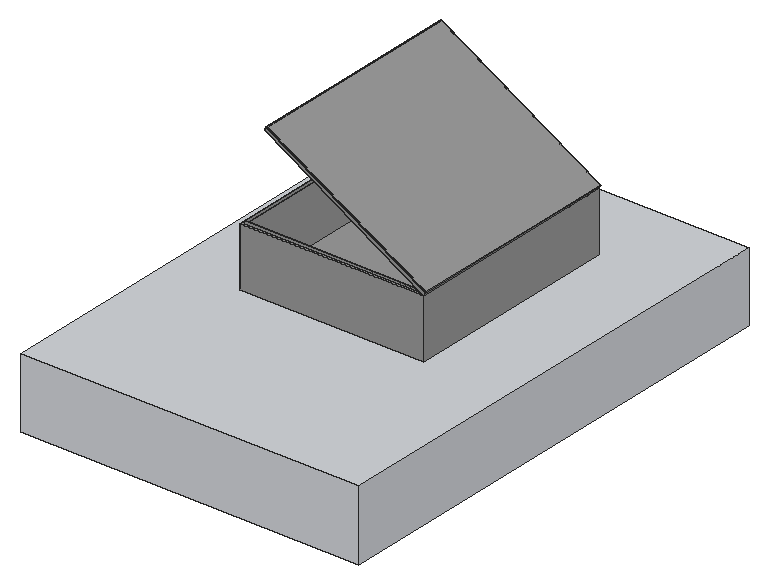
Revit family "Hager-Univers-IP55-D275-H950-Cl.II-Steel_encl-PL-en", category Equipement électrique, Revit 2020
Family settings
  Hôte = Face
  Configuration du panneau = Deux colonnes, circuits au sein
  Cote de connecteur circulaire = Utiliser le diamètre
  Type d'élément = Tableau de raccordement
  Couper avec des vides une fois chargée = Non
  Partagée = Non
  Point de calcul de pièce = Non
Parameters (values of type "Surface mounted (plaster) IP55 W800 H950 D275  - FR63S")
  Width Control [instance] = if([EF000008 - Width] > Min Width, [EF000008 - Width], Min Width)  # 800 mm
  Commentaires du type = [HG000003 - Range]  # "Univers"
  Thickness Door [instance] = if([EF009171 - Material plate thickness door/cover] > 3 mm, 3 mm, [EF009171 - Material plate thickness door/cover])  # 1.5 mm
  Seal Frame Offset [instance] = 17 mm  # constant formula
  Plinth Visibility [instance] = [HG000027 - Plinth height] > 0 mm  # no
  Model = ""
  Min Width [instance] = 100 mm  # constant formula
  Min Height [instance] = 100 mm  # constant formula
  Min Depth [instance] = (2 * [EF009170 - Material plate thickness cabinet]) + 1 mm  # 4 mm
  Internal Frame Depth [instance] = (Door System Depth * 0.5)  # 9 mm
  Height Control [instance] = if([EF000040 - Height] > Min Height, [EF000040 - Height], Min Height)  # 950 mm
  HG000027 - Plinth height = 0 mm
  HG000026 - Floor standing = no
  HG000024 - Bottom section height = 800 mm
  HG000023 - Double section enclosure = no
  HG000016 - Door 3d visibility [instance] = yes
  HG000015 - Clearance visibility [instance] = no
  HG000014 - Door on the right [instance] = yes
  HG000013 - Door on the left [instance] = not([HG000014 - Door on the right])  # no
  HG000012 - Door swing angle [instance] = 30.00°
  HG000010 - Asymmetric doors = no
  HG000009 - Double swing door = no
  HG000006 - Flush mounted = no
  HG000004 - Manufacturer reference = "FR63S"
  HG000003 - Range = "Univers"
  HG000002 - With door or cover = yes
  Frame Offset Bottom [instance] = 10 mm  # constant formula
  Frame Offset [instance] = 15 mm  # constant formula
  EF015940 - Cover with overpressure release = no
  EF011959 - Degree of protection (NEMA) = ""
  EF009554 - Number of openings for flange plates = 6
  EF009212 - Cover model = "EV000116 - Closed"
  EF009171 - Material plate thickness door/cover = 1.5 mm
  EF009170 - Material plate thickness cabinet = 1.5 mm
  Fabricant = "Hager"  # constant formula
  EF008873 - Nominal current (In) = 800 A
  EF007800 - Suitable for lightning protection = no
  EF006306 - With lock = no
  EF006244 - Transparent cover/door = no
  EF005474 - Degree of protection (IP) = "EV006420 - IP55"
  EF004464 - Type of door = "EV002646 - Single"
  EF004427 - Number of modules = 216
  EF004293 - Impact strength = "EV008784 - IK10"
  EF003532 - Suitable for outdoor use = no
  EF002950 - Width in number of modular spacings = 24
  EF001613 - Circuit integrity = "EV000494 - None"
  EF001596 - Material housing = "EV000179 - Steel"
  EF001131 - Internal depth = 275 mm
  EF001088 - Extension possible = yes
  EF000437 - Number of conduit inlets = 6
  EF000339 - Type of cover = "EV004216 - Door"
  EF000266 - Number of rows = 6
  EF000218 - Built-in depth = 0 mm
  EF000118 - With mounting plate = no
  EF000116 - RAL-number = "7035"
  EF000049 - Depth = 275 mm
  EF000040 - Height = 950 mm
  EF000008 - Width = 800 mm
  EF000007 - Colour = "EV000270 - Grey"
  EF000003 - Mounting method = "EV000384 - Surface mounted (plaster)"
  Door System Leaf Tolerance [instance] = 1.5 mm  # constant formula
  Door System Depth [instance] = 18 mm  # constant formula
  Door Height [instance] = Height Control - [HG000027 - Plinth height]  # 950 mm
  Depth Control [instance] = if([EF000049 - Depth] > Min Depth, [EF000049 - Depth], Min Depth)  # 275 mm
  Default Elevation = 0 mm
  Connector Offset [instance] = Height Control / 2  # 475 mm
  Bottom Top Plate Trim [instance] = 1.5 mm  # constant formula
  Plinth height Ctrl [instance] = if([HG000027 - Plinth height] > 0 mm, [HG000027 - Plinth height], 12 mm)  # 12 mm
Types (5, lengths in mm): name | Width Control | HG000010 - Asymmetric doors | HG000009 - Double swing door | HG000004 - Manufacturer reference | EF009554 - Number of openings for flange plates | EF004464 - Type of door | EF004427 - Number of modules | EF000437 - Number of conduit inlets | EF000008 - Width
  Surface mounted (plaster) IP55 W1050 H950 D275  - FR64S | 1050 | no | yes | "FR64S" | 8 | "EV003602 - Double" | 288 | 8 | 1050
  Surface mounted (plaster) IP55 W1300 H950 D275  - FR65S | 1300 | yes | yes | "FR65S" | 10 | "EV003602 - Double" | 360 | 10 | 1300
  Surface mounted (plaster) IP55 W300 H950 D275  - FR61S | 300 | no | no | "FR61S" | 2 | "EV002646 - Single" | 72 | 2 | 300
  Surface mounted (plaster) IP55 W550 H950 D275  - FR62S | 550 | no | no | "FR62S" | 4 | "EV002646 - Single" | 144 | 4 | 550
  Surface mounted (plaster) IP55 W800 H950 D275  - FR63S | 800 | no | no | "FR63S" | 6 | "EV002646 - Single" | 216 | 6 | 800
Reference planes
  plane 1 "Center (Front/Back)": y = 0
  plane 2: z = 0
  plane 3 "Center (Left/Right)": x = 0
  plane 4: z = 275
  plane 5: y = 1.5
  plane 6: y = 475
  plane 7: y = 0
  plane 8: y = 950
  plane 9: z = 0
  plane 10: x = -385
  plane 11: x = 385
  plane 12: x = 383.5
  plane 13: x = -383.5
  plane 14: y = 948.5
  plane 15: x = -383
  plane 16: x = -400
  plane 17: x = 383
  plane 18: x = 400
  plane 19: x = 398.5
  plane 20: x = -398.5
  plane 21: y = 11.5
  plane 22: y = 950
  plane 23: y = 933.5
  plane 24: z = 257
  plane 25: z = 1.5
  plane 26: z = 255.5
  plane 27: z = 273.5
Forms (mm)
  Extrusion 1, solid
    sketch origin (0, 0, 0) x (1, 0, 0) y (0, 1, 0)
      loop
        line (-702.964, 1305) -> (-702.964, -811.445) -> (766.763, -811.445) -> (766.763, 1305) -> (-702.964, 1305)
    from 0 to -304.8
  Extrusion 2, solid, material "Hager_Steel_RAL7035_Light_Grey", visible <- "Plinth Visibility", detail levels medium+fine
    sketch origin (0, 0, 0) x (1, 0, 0) y (0, 1, 0)
      loop
        line (-400, 0) -> (400, 0) -> (400, 12) -> (-400, 12) -> (-400, 0)
    from 0 to 257
  Extrusion 3, solid, material "Hager_Steel_RAL7035_Light_Grey", detail levels medium+fine
    sketch origin (0, 0, 0) x (1, 0, 0) y (0, 1, 0)
      loop
        line (-400, 0) -> (400, 0) -> (400, 950) -> (-400, 950) -> (-400, 0)
    from 0 to 257
  Extrusion 4, void
    sketch origin (0, 0, 0) x (1, 0, 0) y (0, 1, 0)
      loop
        line (-398.5, 1.5) -> (398.5, 1.5) -> (398.5, 948.5) -> (-398.5, 948.5) -> (-398.5, 1.5)
    from 1.5 to 255.5
  Extrusion 5, void
    sketch origin (-381.607, -4572, 257) x (0, -1, 0) y (-1, 0, 0)
      loop
        line (-4583.5, 1.893) -> (-5505.5, 1.893) -> (-5505.5, -765.107) -> (-4583.5, -765.107) -> (-4583.5, 1.893)
    from 0 to 1.5 <- "EF009170 - Material plate thickness cabinet"
  Extrusion 6, solid, material "Hager_Steel_RAL7035_Light_Grey", detail levels fine
    sketch origin (0, 0, 257) x (1, 0, 0) y (0, 1, 0)
      loop
        line (-383.5, 933.5) -> (-383.5, 11.5) -> (383.5, 11.5) -> (383.5, 933.5) -> (-383.5, 933.5)
      loop
        line (-385, 10) -> (385, 10) -> (385, 935) -> (-385, 935) -> (-385, 10)
    from 0 to 9 <- "Internal Frame Depth"
  Extrusion 7, solid, material "Hager_Steel_RAL7035_Light_Grey", detail levels coarse
    sketch origin (0, 0, 0) x (1, 0, 0) y (0, 1, 0)
      loop
        line (-400, 0) -> (400, 0) -> (400, 950) -> (-400, 950) -> (-400, 0)
    from 0 to 275
  Sweep 8, void
    path in 3D
      loop
        line (-400, 12, 0) -> (400, 12, 0) -> (400, 12, 257) -> (-400, 12, 257) -> (-400, 12, 0)
    profile origin (-400, 12, 128.5) x (-1, 0, 0) y (0, -1, 0)
      loop
        line (0, 0) -> (0, 1.5) -> (-1.5, 1.5)
        arc (-1.5, 1.5) -> (-1.061, 0.439) -> (0, 0) r 1.5
Cuts and joins
  Extrusion 4, Extrusion 5 cuts Extrusion 3
  Sweep 8 cuts Extrusion 2
Lines and regions (mm)
  Masking region 1
    outline origin (0, 0, 0) x (1, 0, 0) y (0, 0, 1)
      loop
        line (-400, 275) -> (-400, 0) -> (400, 0) -> (400, 275) -> (-400, 275)
  Masking region 2, detail levels medium+fine
    outline origin (0, 140, 0) x (0, 1, 0) y (0, 0, 1)
      loop
        line (-140, 0) -> (810, 0) -> (810, 257) -> (-140, 257) -> (-140, 0)
  Masking region 3, not visible, detail levels medium+fine
    outline origin (0, 297.922, 0) x (0, 1, 0) y (0, 0, 1)
      loop
        line (188.578, 0) -> (228.578, 0) -> (228.578, 263.5)
        arc (228.578, 263.5) -> (225.649, 270.571) -> (218.578, 273.5) r 10
        line (218.578, 273.5) -> (188.578, 273.5) -> (188.578, 0)
  Masking region 4, detail levels coarse
    outline origin (0, 0, 180) x (0, 1, 0) y (0, 0, 1)
      loop
        line (0, -180) -> (950, -180) -> (950, 95) -> (0, 95) -> (0, -180)
  Masking region 5, visible <- "Plinth Visibility", detail levels medium+fine
    outline origin (0, 52.24, 12.345) x (0, 0, -1) y (0, 1, 0)
      loop
        line (10.845, -40.24) -> (-243.155, -40.24)
        arc (-243.155, -40.24) -> (-243.594, -41.301) -> (-244.655, -41.74) r 1.5
        line (-244.655, -41.74) -> (-244.655, -52.24) -> (12.345, -52.24) -> (12.345, -41.74)
        arc (12.345, -41.74) -> (11.285, -41.301) -> (10.845, -40.24) r 1.5
  Masking region 6, detail levels medium+fine
    outline origin (-381.607, -4572, 257) x (-1, 0, 0) y (0, -1, 0)
      loop
        line (18.393, -5522) -> (18.393, -4572) -> (-781.607, -4572) -> (-781.607, -5522) -> (18.393, -5522)
  Masking region 7, visible <- "Plinth Visibility", detail levels medium+fine
    outline origin (-381.607, -4727, 257) x (-1, 0, 0) y (0, -1, 0)
      loop
        arc (16.893, -4739) -> (17.332, -4737.939) -> (18.393, -4737.5) r 1.5
        line (18.393, -4737.5) -> (18.393, -4727) -> (-781.607, -4727) -> (-781.607, -4737.5)
        arc (-781.607, -4737.5) -> (-780.546, -4737.939) -> (-780.107, -4739) r 1.5
        line (-780.107, -4739) -> (16.893, -4739)
  Masking region 8, detail levels coarse
    outline origin (-442.548, -4669.526, 257) x (-1, 0, 0) y (0, -1, 0)
      loop
        line (-42.548, -5619.526) -> (-42.548, -4669.526) -> (-842.548, -4669.526) -> (-842.548, -5619.526) -> (-42.548, -5619.526)
  sketch lines
    curve 1: line (-400, 12, 257) -> (-400, 12, 0)
    curve 2: line (400, 12, 257) -> (-400, 12, 257)
    curve 3: line (400, 12, 257) -> (400, 12, 0)
    curve 4: line (-400, 12, 0) -> (400, 12, 0)
Dimensions and locks
  "Depth Control": plane 4 to Extrusion 1
  "HG000027 - Plinth height": plane 1 "Center (Front/Back)" to plane 7
  "EF009170 - Material plate thickness cabinet": plane 5 to plane 7
  locked: connector elem to plane 3 "Center (Left/Right)"
  equal spacing: plane 8, plane 6, plane 7
  locked: connector elem to plane 6
  "EF009170 - Material plate thickness cabinet": plane 8 to plane 14
  "EF009170 - Material plate thickness cabinet": plane 10 to plane 13
  "EF009170 - Material plate thickness cabinet": plane 12 to plane 11
  "Frame Offset": plane 20 to plane 13
  "Frame Offset": plane 12 to plane 19
  "EF009170 - Material plate thickness cabinet": plane 16 to plane 20
  "EF009170 - Material plate thickness cabinet": plane 19 to plane 18
  "Seal Frame Offset": plane 16 to plane 15
  "Seal Frame Offset": plane 17 to plane 18
  "Frame Offset Bottom": plane 21 to plane 5
  "Frame Offset": plane 14 to plane 23
  equal spacing: plane 16, plane 3 "Center (Left/Right)", plane 18
  "Width Control": plane 16 to plane 18
  "EF009170 - Material plate thickness cabinet": plane 4 to plane 27
  "EF009170 - Material plate thickness cabinet": plane 24 to plane 26
  "EF009170 - Material plate thickness cabinet": plane 25 to level
  "Door System Depth": plane 4 to plane 24
  "Height Control": plane 1 "Center (Front/Back)" to Extrusion 7 sketch curve
  "Height Control": Masking region 4 sketch curve to plane 1 "Center (Front/Back)"
  "Height Control": plane 1 "Center (Front/Back)" to plane 22
  "Bottom Top Plate Trim": profile plane to Sweep 8 sketch curve
  "Bottom Top Plate Trim": Sweep 8 sketch curve to profile plane
  "Plinth height Ctrl": plane 1 "Center (Front/Back)" to Extrusion 2 sketch curve
  "Plinth height Ctrl": Masking region 5 sketch curve to plane 1 "Center (Front/Back)"
  "Plinth height Ctrl": plane 1 "Center (Front/Back)" to Masking region 7 sketch curve
  "Thickness Door": Extrusion 6 sketch curve to Extrusion 6 sketch curve  (x3)
  "Thickness Door": cut or joined group of Extrusion 3, Extrusion 4, Extrusion 5 to Extrusion 6 sketch curve
  radius of Masking region 3 sketch curve = 10 mm
  "Bottom Top Plate Trim": radius of Masking region 5 sketch curve  (x2)
  "Bottom Top Plate Trim": radius of Sweep 8 sketch curve
  "Bottom Top Plate Trim": radius of Masking region 7 sketch curve  (x2)
  aligned and locked: plane 2 to Extrusion 1
  aligned and locked: level to Extrusion 1
  aligned and locked: level to Masking region 1 sketch curve
  aligned and locked: Masking region 1 sketch curve to plane 18
  aligned and locked: Masking region 1 sketch curve to plane 16
  aligned and locked: plane 7 to Masking region 2 sketch curve
  aligned and locked: level to Masking region 3 sketch curve
  aligned and locked: Masking region 3 sketch curve to plane 27
  aligned and locked: level to Masking region 2 sketch curve
  aligned and locked: plane 1 "Center (Front/Back)" to Extrusion 2 sketch curve
  aligned and locked: Extrusion 3 sketch curve to plane 7
  aligned and locked: plane 16 to Extrusion 3 sketch curve
  aligned and locked: plane 18 to Extrusion 3 sketch curve
  aligned and locked: plane 20 to Extrusion 4 sketch curve
  aligned and locked: plane 19 to Extrusion 4 sketch curve
  aligned and locked: Extrusion 4 sketch curve to plane 5
  aligned and locked: Extrusion 4 to plane 25
  aligned and locked: plane 26 to Extrusion 4
  aligned and locked: plane 24 to Extrusion 3
  aligned and locked: Extrusion 5 sketch curve to plane 21
  aligned and locked: Extrusion 5 sketch curve to plane 13
  aligned and locked: Extrusion 5 sketch curve to plane 12
  aligned and locked: plane 18 to Extrusion 7 sketch curve
  aligned and locked: plane 1 "Center (Front/Back)" to Extrusion 7 sketch curve
  aligned and locked: plane 16 to Extrusion 7 sketch curve
  aligned and locked: plane 4 to Extrusion 7
  aligned and locked: Extrusion 7 to level
  aligned and locked: level to Masking region 4 sketch curve
  aligned and locked: Masking region 4 sketch curve to plane 1 "Center (Front/Back)"
  aligned and locked: Masking region 4 sketch curve to plane 4
  aligned and locked: nested 1 to level
  aligned and locked: nested 1 to plane 16
  aligned and locked: plane 8 to Extrusion 3 sketch curve
  aligned and locked: plane 23 to Extrusion 5 sketch curve
  aligned and locked: plane 14 to Extrusion 4 sketch curve
  aligned and locked: Masking region 2 sketch curve to plane 8
  aligned and locked: level to Masking region 5 sketch curve
  aligned and locked: plane 16 to Extrusion 2 sketch curve
  aligned and locked: plane 18 to Extrusion 2 sketch curve
  aligned and locked: Masking region 5 sketch curve to plane 24
  aligned and locked: Masking region 2 sketch curve to plane 24
  aligned and locked: plane 24 to Extrusion 2
  aligned and locked: profile plane to Sweep 8 sketch curve  (x2)
  aligned and locked: Masking region 6 sketch curve to plane 18
  aligned and locked: Masking region 6 sketch curve to plane 22
  aligned and locked: Masking region 6 sketch curve to plane 16
  aligned and locked: plane 8 to plane 22
  aligned and locked: Masking region 6 sketch curve to plane 7
  aligned and locked: Masking region 7 sketch curve to plane 16
  aligned and locked: Masking region 7 sketch curve to plane 1 "Center (Front/Back)"
  aligned and locked: Masking region 7 sketch curve to plane 18
  aligned and locked: Masking region 8 sketch curve to plane 1 "Center (Front/Back)"
  aligned and locked: Masking region 8 sketch curve to plane 18
  aligned and locked: Masking region 8 sketch curve to plane 22
  aligned and locked: Masking region 8 sketch curve to plane 16
  aligned and locked: nested 2 to plane 7
  aligned and locked: plane 3 "Center (Left/Right)" to nested 2
  aligned and locked: nested 2 to plane 24
  aligned and locked: Extrusion 6 sketch curve to cut or joined group of Extrusion 3, Extrusion 4, Extrusion 5  (x4)
Automatic sketch dimensions
  Extrusion 1 sketch curve to Extrusion 1 sketch curve = 1469.727 mm
  Extrusion 1 sketch curve to Extrusion 1 sketch curve = 2116.445 mm
  Masking region 1 sketch curve to plane 4 = 0 mm
  plane 6 to Masking region 3 sketch curve = 11.5 mm
  Masking region 3 sketch curve to Masking region 3 sketch curve = 30 mm
  Masking region 5 sketch curve to plane 1 "Center (Front/Back)" = 0 mm
Nested families
  nested 1: "Hager_Enclosure_Symbol" at (-400, 0, 0) x (1, 0, 0) z (0, -1, 0), Height <- "Depth Control", Width <- "Width Control", type "Hager_Enclosure_Symbol"
    with Width_Ctrl 800 mm, Width 800 mm, Height_Ctrl 275 mm, Height 275 mm, A_Width_Int 18.047 mm, A_Width 216.562 mm, A_Height_Ctrl 240.625 mm, A_Height 240.625 mm
  nested 2: "EC000058_Univers_Door" at (0, 0, 257) x (1, 0, 0) z (0, 1, 0), Leaf_Tolerance <- "Door System Leaf Tolerance", Angle <- "HG000012 - Door swing angle", Door_Depth <- "Door System Depth", Door_Left <- "HG000013 - Door on the left", Transparent <- "EF006244 - Transparent cover/door", Assymetrical <- "HG000010 - Asymmetric doors", Width <- "Width Control", Clearance <- "HG000015 - Clearance visibility", Double <- "HG000009 - Double swing door", 3d_Door <- "HG000016 - Door 3d visibility", Lock_Visibility <- "EF006306 - With lock", Width_Ctrl <- "Width Control", Door_Right <- "HG000014 - Door on the right", Door <- "HG000002 - With door or cover", Height <- "Door Height", Thickness <- "Thickness Door", type "EC000058_Univers_Door", detail levels medium+fine
    with min_wh 4 mm, Width_Ctrl 800 mm, Width 800 mm, Transparent no, Thickness 1.5 mm, Seal_Material Hager_Rubber, Lock_Visibility no, Lock_Material Hager_Plastic_RAL9005_Jet_Black, Leaf_Width 800 mm, Leaf_Tolerance_External_Sides 0 mm, Leaf_Tolerance 1.5 mm, Leaf_Offset 0 mm, Leaf_Height 947 mm, Leaf_2_Width 800 mm, Leaf_2_Offset 400 mm, Leaf_1_Width 800 mm, Leaf_1_Offset 400 mm, Height_Ctrl 950 mm, Height 950 mm, Glass_Material Hager_Glass, Double_Clearance_Ctrl no, Double no, Door_Right_Ctrl yes, Door_Right yes, Door_Material Hager_Steel_RAL7035_Light_Grey, Door_Left_Ctrl no, Door_Left no, Door_Depth 18 mm, Door yes, Clearance_Material Hager_Clearance, Clearance_Depth 800 mm, Clearance_Ctrl no, Clearance no, Assymetrical no, Angle 30.00°, 3d_Door yes
Connectors
  electrical at (0, 475, 0)
    settings: on plane 9, index 1, voltage 0 V, apparent load 0 VA, apparent load phase1 0 VA, apparent load phase2 0 VA, apparent load phase3 0 VA, power factor 1, load classification "Other", number of poles 1, system type 30, power factor state 1, is connector primary yes, connector utility no, sub classification motor no, connector description ""
Definition of nested family "EC000058_Univers_Door"
  Parameters (values of type "EC000058_Univers_Door")
    min_wh [instance] = (2 * Thickness) + 1 mm  # 11 mm
    Width_Ctrl [instance] = 400 mm
    Width [instance] = 500 mm
    Transparent [instance] = yes
    Thickness [instance] = 5 mm
    Seal_Material [instance] = none
    Lock_Visibility [instance] = yes
    Lock_Material [instance] = none
    Leaf_Width [instance] = if((Width_Ctrl - 2 * Leaf_Tolerance_External_Sides) > 0 mm, (Width_Ctrl - 2 * Leaf_Tolerance_External_Sides), min_wh)  # 400 mm
    Leaf_Tolerance_External_Sides [instance] = 0 mm  # constant formula
    Leaf_Tolerance [instance] = 1.5 mm
    Leaf_Offset [instance] = 0 mm  # constant formula
    Leaf_Height [instance] = if((Height_Ctrl - 2 * Leaf_Tolerance) > 0 mm, (Height_Ctrl - 2 * Leaf_Tolerance), min_wh)  # 497 mm
    Leaf_2_Width [instance] = if(and(and(Double, Assymetrical), Door_Left), (Leaf_Width / 3) - (Leaf_Tolerance / 2), if(and(and(Double, Assymetrical), Door_Right), (Leaf_Width / 3) * 2 - (Leaf_Tolerance / 2), if(and(Double, not(Assymetrical)), (Leaf_Width / 2) - Leaf_Tolerance, Leaf_Width)))  # 400 mm
    Leaf_2_Offset [instance] = if(and(Double, Assymetrical), Leaf_2_Width / 2, if(and(Double, not(Assymetrical)), Leaf_Width / 4, Leaf_Width / 2))  # 200 mm
    Leaf_1_Width [instance] = if(and(and(Double, Assymetrical), Door_Right), (Leaf_Width / 3) - (Leaf_Tolerance / 2), if(and(and(Double, Assymetrical), Door_Left), (Width / 3) * 2 - (Leaf_Tolerance / 2), if(and(Double, not(Assymetrical)), (Leaf_Width / 2) - Leaf_Tolerance, Leaf_Width)))  # 400 mm
    Leaf_1_Offset [instance] = if(and(Double, Assymetrical), Leaf_1_Width / 2, if(and(Double, not(Assymetrical)), Leaf_Width / 4, Leaf_Width / 2))  # 200 mm
    Height_Ctrl [instance] = if(Height > min_wh, Height, min_wh)  # 500 mm
    Height [instance] = 500 mm
    Glass_Material [instance] = none
    Double_Clearance_Ctrl [instance] = and(Double, Clearance)  # no
    Double [instance] = no
    Door_Right_Ctrl [instance] = and(or(Door_Right, Double), Door)  # yes
    Door_Right [instance] = yes
    Door_Material [instance] = none
    Door_Left_Ctrl [instance] = and(or(Door_Left, Double), Door)  # no
    Door_Left [instance] = no
    Door_Depth [instance] = 30 mm
    Door [instance] = yes
    Default Elevation = 1219.2 mm
    Clearance_Material [instance] = none
    Clearance_Depth [instance] = if(Leaf_1_Width > Leaf_2_Width, Leaf_1_Width, Leaf_2_Width)  # 400 mm
    Clearance_Ctrl [instance] = and(not(Double), Clearance)  # yes
    Clearance [instance] = yes
    Assymetrical [instance] = yes
    Angle [instance] = 30.00°
    3d_Door [instance] = yes
  Reference planes
    plane 1 "Center (Front/Back)": y = 0
    plane 2 "Bottom": z = 0
    plane 3 "Center (Left/Right)": x = 0
    plane 4: z = 500
    plane 5: x = -200
    plane 6: x = 200
    plane 7: z = 500
    plane 8: x = -200
    plane 9: z = 0
    plane 10: x = 200
    plane 11: y = 0
    plane 12: z = 1.5
    plane 13: x = -600
    plane 14: y = -400
    plane 15: x = 600
    plane 16: x = 0
    plane 17: x = 0
    plane 18: x = -200
    plane 19: x = 200
    plane 20: z = 498.5
  Forms (mm)
    Extrusion 1, solid, material <- "Clearance_Material", visible <- "Double_Clearance_Ctrl"
      sketch origin (1200, 0, 0) x (1, 0, 0) y (0, 0, -1)
        loop
          line (-1800, -498.5) -> (-600, -498.5) -> (-600, 0) -> (-1800, 0) -> (-1800, -498.5)
      from 0 to -400
  Dimensions and locks
    equal spacing: plane 5, plane 3 "Center (Left/Right)", plane 6
    "Width_Ctrl": plane 5 to plane 6
    "Leaf_Offset": plane 5 to plane 8
    "Leaf_Offset": plane 6 to plane 10
    "Leaf_Offset": plane 9 to level
    "Leaf_Offset": plane 4 to plane 7
    "Height_Ctrl": plane 4 to level
    "Leaf_Tolerance": plane 12 to plane 9
    locked: plane 11 to plane 1 "Center (Front/Back)"
    "Leaf_1_Offset": plane 18 to plane 16
    "Leaf_2_Offset": plane 17 to plane 19
    "Leaf_1_Width": plane 13 to plane 8
    "Leaf_2_Width": plane 10 to plane 15
    "Clearance_Depth": plane 14 to plane 1 "Center (Front/Back)"
    "Leaf_Tolerance_External_Sides": plane 8 to plane 18
    "Leaf_Tolerance_External_Sides": plane 19 to plane 10
    "Leaf_Tolerance": plane 7 to plane 20
    aligned and locked: level to plane 2 "Bottom"
    aligned and locked: nested 1 to plane 16
    aligned and locked: nested 2 to plane 17
    aligned and locked: Extrusion 1 to plane 13
    aligned and locked: plane 15 to Extrusion 1
    aligned and locked: Extrusion 1 to plane 14
    aligned and locked: plane 12 to nested 1
    aligned and locked: nested 2 to plane 12
    aligned and locked: Extrusion 1 to plane 11
    aligned and locked: plane 20 to Extrusion 1
    aligned and locked: nested 2 to plane 11
    aligned and locked: nested 1 to plane 11
  Automatic sketch dimensions
    Extrusion 1 sketch curve to level = 0 mm
    plane 5 to Extrusion 1 sketch curve = 400 mm
    plane 6 to Extrusion 1 sketch curve = 400 mm
    Extrusion 1 sketch curve to plane 4 = 1.5 mm
  Nested families
    nested 1: "EC000058_Univers_Door_Leaf" at (0, 0, 1.5), Width <- "Leaf_1_Width", visible <- "Door_Left_Ctrl", Leaf_Height <- "Leaf_Height", Angle <- "Angle", 3d_Door <- "3d_Door", Transparent <- "Transparent", Clearance Material <- "Clearance_Material", Clearance <- "Clearance_Ctrl", Door_Material <- "Door_Material", Glass_Material <- "Glass_Material", Door_Depth <- "Door_Depth", Lock_Material <- "Lock_Material", Seal_Material <- "Seal_Material", Lock_Visibility <- "Lock_Visibility", Thickness <- "Thickness", type "EC000058_Univers_Door_Leaf"
      with Width 400 mm, Transparent_Glass_Offset 30 mm, Transparent_Ctrl yes, Transparent yes, Thickness 5 mm, Standard no, Seal_Material none, Seal_D2 8 mm, Seal_D1 1 mm, Offset_Internal_Frame 10 mm, Lock_Width 20 mm, Lock_Visibility_3d yes, Lock_Visibility yes, Lock_Thickness_3 3 mm, Lock_Thickness_2 1 mm, Lock_Thickness_1 3 mm, Lock_Radius_Offset_2 16 mm, Lock_Radius_Offset_1 15 mm, Lock_Radius_2 5 mm, Lock_Radius 6 mm, Lock_Offset 5 mm, Lock_Material none, Lock_Height 80 mm, Lock_Cover_Top_Offset_2d 17 mm, Lock_Cover_Height -65 mm, Leaf_Height 497 mm, Internal_Seal_Thickness 8 mm, Internal_Seal_Depth_2 4.5 mm, Internal_Frame_Depth 25 mm, Glass_Thickness -1 mm, Glass_Offset -2 mm, Glass_Material none, Door_Material none, Door_Depth 30 mm, Clearance Material none, Clearance yes, Angle_Ctrl 30.00°, Angle 30.00°, 3d_Door yes
    nested 2: "EC000058_Univers_Door_Leaf" at (0, 0, 1.5) x (-1, 0, 0) z (0, 0, 1), Width <- "Leaf_2_Width", visible <- "Door_Right_Ctrl", Leaf_Height <- "Leaf_Height", Angle <- "Angle", 3d_Door <- "3d_Door", Transparent <- "Transparent", Clearance Material <- "Clearance_Material", Clearance <- "Clearance_Ctrl", Door_Material <- "Door_Material", Glass_Material <- "Glass_Material", Door_Depth <- "Door_Depth", Lock_Material <- "Lock_Material", Seal_Material <- "Seal_Material", Lock_Visibility <- "Lock_Visibility", Thickness <- "Thickness", type "EC000058_Univers_Door_Leaf"
      with Width 400 mm, Transparent_Glass_Offset 30 mm, Transparent_Ctrl yes, Transparent yes, Thickness 5 mm, Standard no, Seal_Material none, Seal_D2 8 mm, Seal_D1 1 mm, Offset_Internal_Frame 10 mm, Lock_Width 20 mm, Lock_Visibility_3d yes, Lock_Visibility yes, Lock_Thickness_3 3 mm, Lock_Thickness_2 1 mm, Lock_Thickness_1 3 mm, Lock_Radius_Offset_2 16 mm, Lock_Radius_Offset_1 15 mm, Lock_Radius_2 5 mm, Lock_Radius 6 mm, Lock_Offset 5 mm, Lock_Material none, Lock_Height 80 mm, Lock_Cover_Top_Offset_2d 17 mm, Lock_Cover_Height -65 mm, Leaf_Height 497 mm, Internal_Seal_Thickness 8 mm, Internal_Seal_Depth_2 4.5 mm, Internal_Frame_Depth 25 mm, Glass_Thickness -1 mm, Glass_Offset -2 mm, Glass_Material none, Door_Material none, Door_Depth 30 mm, Clearance Material none, Clearance yes, Angle_Ctrl 30.00°, Angle 30.00°, 3d_Door yes
  Definition of nested family "EC000058_Univers_Door_Leaf"
    Parameters (values of type "EC000058_Univers_Door_Leaf")
      Width [instance] = 2000 mm
      Transparent_Glass_Offset [instance] = 30 mm
      Transparent_Ctrl [instance] = and(Transparent, [3d_Door])  # yes
      Transparent [instance] = yes
      Thickness [instance] = 5 mm
      Standard [instance] = and(not(Transparent), [3d_Door])  # no
      Seal_Material [instance] = none
      Seal_D2 [instance] = 8 mm  # constant formula
      Seal_D1 [instance] = 1 mm  # constant formula
      Offset_Internal_Frame [instance] = 10 mm  # constant formula
      Lock_Width [instance] = 20 mm  # constant formula
      Lock_Visibility_3d [instance] = and(Lock_Visibility, [3d_Door])  # yes
      Lock_Visibility [instance] = yes
      Lock_Thickness_3 [instance] = 3 mm  # constant formula
      Lock_Thickness_2 [instance] = 1 mm  # constant formula
      Lock_Thickness_1 [instance] = 3 mm  # constant formula
      Lock_Radius_Offset_2 [instance] = Lock_Radius_Offset_1 + 1 mm  # 16 mm
      Lock_Radius_Offset_1 [instance] = 15 mm  # constant formula
      Lock_Radius_2 [instance] = Lock_Radius - 1 mm  # 5 mm
      Lock_Radius [instance] = 6 mm  # constant formula
      Lock_Offset [instance] = 5 mm  # constant formula
      Lock_Material [instance] = none
      Lock_Height [instance] = 80 mm  # constant formula
      Lock_Cover_Top_Offset_2d [instance] = Lock_Radius_Offset_2 + 1 mm  # 17 mm
      Lock_Cover_Height [instance] = -(Lock_Height - Lock_Radius_Offset_1)  # -65 mm
      Leaf_Height [instance] = 2720.336 mm
      Internal_Seal_Thickness [instance] = 8 mm  # constant formula
      Internal_Seal_Depth_2 [instance] = 4.5 mm  # constant formula
      Internal_Frame_Depth [instance] = if(Door_Depth - Thickness > 5 mm, Door_Depth - Thickness, 5 mm)  # 25 mm
      Glass_Thickness [instance] = if(Thickness > 15 mm, Glass_Offset + 10 mm, -1 mm)  # -1 mm
      Glass_Offset [instance] = if(Thickness > 15 mm, -(Thickness + 10 mm) / 2, -2 mm)  # -2 mm
      Glass_Material [instance] = none
      Door_Material [instance] = none
      Door_Depth [instance] = 30 mm
      Default Elevation = 0 mm
      Clearance Material [instance] = none
      Clearance [instance] = yes
      Angle_Ctrl [instance] = if(Angle > 180.00°, 180.00°, Angle)  # 90.00°
      Angle [instance] = 90.00°
      3d_Door [instance] = yes
    Reference planes
      plane 1 "Center (Front/Back)": y = 0
      plane 2: z = 0
      plane 3 "Center (Left/Right)": x = 0
      plane 4: y = 2000
      plane 5: x = -1000
      plane 6: x = 1000
      plane 7: x = -3000
      plane 8: z = 2720.336
      plane 9: z = 30
      plane 10: z = 2690.336
      plane 11: x = 970
      plane 12: x = -970
      plane 13: y = -3
      plane 14: z = 107.833
      plane 15: y = -5
      plane 16: y = -223.314
      plane 17: x = -1000
      plane 18: z = 1360.168
      plane 19: y = 30
    Forms (mm)
      Extrusion 1, solid, material <- "Clearance Material", visible <- "Clearance"
        sketch origin (0, 0, 0) x (1, 0, 0) y (0, 0, 1)
          loop
            line (-3000, 2720.336) -> (-3000, 0) -> (1000, 0) -> (1000, 2720.336) -> (-3000, 2720.336)
        from 0 to -2000
      Extrusion 2, solid, material <- "Door_Material", visible <- "Standard", detail levels medium+fine
        sketch origin (-1000, 0, 0) x (0, 1, 0) y (-1, 0, 0)
          loop
            line (0, 30) -> (0, 25) -> (2000, 25) -> (2000, 30) -> (0, 30)
        from 0 to 2720.336 <- "Leaf_Height"
      Extrusion 3, solid, material <- "Door_Material", visible <- "Transparent_Ctrl", detail levels medium+fine
        sketch origin (-1000, 0, 0) x (0, 1, 0) y (-1, 0, 0)
          loop
            line (0, 25) -> (2000, 25) -> (2000, 30) -> (0, 30) -> (0, 25)
        from 0 to 2720.336 <- "Leaf_Height"
      Extrusion 4, void
        sketch origin (-1025, 2000, 0) x (0, 1, 0) y (0, 0, -1)
          loop
            line (-30, -2690.336) -> (-30, -30) -> (-1970, -30) -> (-1970, -2690.336) -> (-30, -2690.336)
        from 0 to 5 <- "Thickness"
      Sweep 5, solid, material <- "Seal_Material", visible <- "Transparent_Ctrl", detail levels fine
        path in 3D
          loop
            line (-1025, 30, 30) -> (-1025, 30, 2690.336) -> (-1025, 1970, 2690.336) -> (-1025, 1970, 30) -> (-1025, 30, 30)
        profile origin (-1025, 1000, 30) x (1, 0, 0) y (0, 0, 1)
          loop
            line (0, 0) -> (0, -8) -> (1, -8) -> (1, 0) -> (0, 0)
      Extrusion 6, solid, material <- "Glass_Material", visible <- "Transparent_Ctrl", detail levels medium+fine
        sketch origin (-1030, 0, 0) x (0, 1, 0) y (0, 0, -1)
          loop
            line (1970, -2690.336) -> (1970, -30) -> (30, -30) -> (30, -2690.336) -> (1970, -2690.336)
        from -2 <- "Glass_Offset" to -1 <- "Glass_Thickness"
      Extrusion 7, solid, material <- "Door_Material", visible <- "3d_Door", detail levels medium+fine
        sketch origin (-1025, 2000, 0) x (0, -1, 0) y (0, 0, -1)
          loop
            line (0, -2720.336) -> (2000, -2720.336) -> (2000, 0) -> (0, 0) -> (0, -2720.336)
          loop
            line (1995, -5) -> (5, -5) -> (5, -2715.336) -> (1995, -2715.336) -> (1995, -5)
        from 0 to 25 <- "Internal_Frame_Depth"
      Sweep 8, solid, material <- "Seal_Material", visible <- "Transparent_Ctrl", detail levels fine
        path in 3D
          loop
            line (-1025, 0, 0) -> (-1025, 2000, 0) -> (-1025, 2000, 2720.336) -> (-1025, 0, 2720.336) -> (-1025, 0, 0)
        profile origin (-1025, 0, 1360.168) x (1, 0, 0) y (0, 1, 0)
          loop
            line (0, 10) -> (2.975, 10)
            arc (2.975, 10) -> (4.053, 10.447) -> (4.5, 11.525) r 1.525
            line (4.5, 11.525) -> (4.5, 16.527)
            arc (4.5, 16.527) -> (4.069, 17.569) -> (3.027, 18) r 1.473
            line (3.027, 18) -> (0, 18) -> (0, 10)
      Extrusion 9, solid, material <- "Lock_Material", visible <- "Lock_Visibility_3d", detail levels fine
        sketch origin (-1030, 0, 0) x (0, 1, 0) y (0, 0, -1)
          loop
            arc (1993.5, -1400.168) -> (1994.561, -1399.729) -> (1995, -1398.668) r 1.5
            line (1995, -1398.668) -> (1995, -1320.168) -> (1975, -1320.168) -> (1975, -1398.668)
            arc (1975, -1398.668) -> (1975.439, -1399.729) -> (1976.5, -1400.168) r 1.5
            line (1976.5, -1400.168) -> (1993.5, -1400.168)
        from 3 <- "Lock_Thickness_1" to 0
      Blend 10, solid, material <- "Lock_Material", visible <- "Lock_Visibility_3d", detail levels fine
        base sketch origin (-1033, 0, 0) x (0, 1, 0) y (0, 0, -1)
          loop
            line (1975, -1320.168) -> (1975, -1398.668)
            arc (1975, -1398.668) -> (1975.439, -1399.729) -> (1976.5, -1400.168) r 1.5
            line (1976.5, -1400.168) -> (1993.5, -1400.168)
            arc (1993.5, -1400.168) -> (1994.561, -1399.729) -> (1995, -1398.668) r 1.5
            line (1995, -1398.668) -> (1995, -1320.168) -> (1975, -1320.168)
        top sketch origin (-1033, 0, 0) x (0, 1, 0) y (0, 0, -1)
          loop
            line (1976, -1320.168) -> (1976, -1398.668)
            arc (1976, -1398.668) -> (1976.146, -1399.022) -> (1976.5, -1399.168) r 0.5
            line (1976.5, -1399.168) -> (1993.5, -1399.168)
            arc (1993.5, -1399.168) -> (1993.854, -1399.022) -> (1994, -1398.668) r 0.5
            line (1994, -1398.668) -> (1994, -1320.168) -> (1976, -1320.168)
        from 0 to 1 <- "Lock_Thickness_2"
      Blend 11, solid, material <- "Lock_Material", visible <- "Lock_Visibility_3d", detail levels fine
        base sketch origin (-1034, 0, 0) x (0, 1, 0) y (0, 0, -1)
          loop
            line (1978, -1320.168) -> (1978, -1384.168)
            arc (1978, -1384.168) -> (1985, -1391.168) -> (1992, -1384.168) r 7
            line (1992, -1384.168) -> (1992, -1320.168) -> (1978, -1320.168)
        top sketch origin (-1034, 0, 0) x (0, 1, 0) y (0, 0, -1)
          loop
            line (1991, -1320.168) -> (1979, -1320.168) -> (1979, -1383.168)
            arc (1979, -1383.168) -> (1985, -1389.168) -> (1991, -1383.168) r 6
            line (1991, -1383.168) -> (1991, -1320.168)
        from 0 to 3 <- "Lock_Thickness_3"
      Extrusion 12, solid, material <- "Lock_Material", visible <- "Lock_Visibility_3d", detail levels fine
        sketch origin (-1030, 1975, 1320.168) x (1, 0, 0) y (0, -1, 0)
          loop
            line (-7, -19) -> (-7, -1) -> (0, -1) -> (0, 0) -> (-8, 0) -> (-8, -20) -> (0, -20) -> (0, -19) -> (-7, -19)
        from 0 to -65 <- "Lock_Cover_Height"
      Extrusion 13, void
        sketch origin (-1038, 1995, 1320.168) x (-1, 0, 0) y (0, 0, -1)
          loop
            line (-5, -65) -> (0, -65) -> (-5, -60) -> (-5, -65)
        from 0 to 20 <- "Lock_Width"
      Extrusion 14, void
        sketch origin (-1038, 1975, 1320.168) x (0, -1, 0) y (0, 0, -1)
          loop
            circle (-10, -15.995) r 6
          loop
            circle (-10, -15.995) r 5
        from 0 to 2
      Extrusion 15, solid, material <- "Lock_Material", visible <- "Lock_Visibility_3d", detail levels medium
        sketch origin (-1030, 0, 0) x (0, 1, 0) y (0, 0, -1)
          loop
            arc (1993.5, -1400.168) -> (1994.561, -1399.729) -> (1995, -1398.668) r 1.5
            line (1995, -1398.668) -> (1995, -1320.168) -> (1975, -1320.168) -> (1975, -1398.668)
            arc (1975, -1398.668) -> (1975.439, -1399.729) -> (1976.5, -1400.168) r 1.5
            line (1976.5, -1400.168) -> (1993.5, -1400.168)
        from 8 to 0
    Cuts and joins
      Extrusion 4 cuts Extrusion 3
      Extrusion 13, Extrusion 14 cuts Extrusion 9
      Extrusion 14 cuts Blend 11
      Extrusion 13, Extrusion 14 cuts Extrusion 12
      joined: Extrusion 9, Blend 10, Blend 11, Extrusion 12
      Extrusion 14 cuts Extrusion 15
    Lines and regions (mm)
      Masking region 1, visible <- "Lock_Visibility", detail levels fine
        outline origin (0, 0, 0) x (0, 1, 0) y (0, 0, 1)
          loop
            line (30, 1320.168) -> (33, 1320.168) -> (33, 1400.168) -> (30, 1400.168) -> (30, 1320.168)
      Masking region 2, visible <- "Lock_Visibility", detail levels fine
        outline origin (0, 3.143, 0) x (0, 1, 0) y (0, 0, 1)
          loop
            line (29.857, 1354.168) -> (30.857, 1354.168) -> (30.857, 1366.168) -> (29.857, 1366.168) -> (29.857, 1354.168)
      Masking region 3, detail levels medium+fine
        outline origin (0, 0, 0) x (0, 1, 0) y (0, 0, 1)
          loop
            line (0, 0) -> (30, 0) -> (30, 2720.336) -> (0, 2720.336) -> (0, 0)
      Masking region 4, detail levels medium+fine
        outline origin (0, 0, 0) x (1, 0, 0) y (0, 0, 1)
          loop
            line (-1000, 2720.336) -> (-1000, 0) -> (1000, 0) -> (1000, 2720.336) -> (-1000, 2720.336)
      Masking region 5, visible <- "Lock_Visibility", detail levels fine
        outline origin (-47.116, 0, 0) x (1, 0, 0) y (0, 0, 1)
          loop
            arc (1024.616, 1399.168) -> (1023.556, 1398.729) -> (1023.116, 1397.668) r 1.5
            line (1023.116, 1397.668) -> (1023.116, 1320.168) -> (1041.116, 1320.168) -> (1041.116, 1397.668)
            arc (1041.116, 1397.668) -> (1040.677, 1398.729) -> (1039.616, 1399.168) r 1.5
            line (1039.616, 1399.168) -> (1024.616, 1399.168)
      Masking region 6, visible <- "Lock_Visibility", detail levels medium+fine
        outline origin (-25, 0, 0) x (1, 0, 0) y (0, 0, 1)
          loop
            arc (1001.5, 1400.168) -> (1000.439, 1399.729) -> (1000, 1398.668) r 1.5
            line (1000, 1398.668) -> (1000, 1320.168) -> (1020, 1320.168) -> (1020, 1398.668)
            arc (1020, 1398.668) -> (1019.561, 1399.729) -> (1018.5, 1400.168) r 1.5
            line (1018.5, 1400.168) -> (1001.5, 1400.168)
      Masking region 7, visible <- "Lock_Visibility", detail levels fine
        outline origin (-73.735, 0, 0) x (1, 0, 0) y (0, 0, 1)
          loop
            line (1051.735, 1382.168) -> (1065.735, 1382.168) -> (1065.735, 1384.168)
            arc (1065.735, 1384.168) -> (1058.735, 1391.168) -> (1051.735, 1384.168) r 7
            line (1051.735, 1384.168) -> (1051.735, 1382.168)
      Masking region 8, visible <- "Lock_Visibility", detail levels fine
        outline origin (-73.735, 0, 0) x (1, 0, 0) y (0, 0, 1)
          loop
            line (1052.735, 1382.168) -> (1064.735, 1382.168) -> (1064.735, 1383.168)
            arc (1064.735, 1383.168) -> (1058.735, 1389.168) -> (1052.735, 1383.168) r 6
            line (1052.735, 1383.168) -> (1052.735, 1382.168)
      Masking region 9, visible <- "Lock_Visibility", detail levels fine
        outline origin (-25, 0, 0) x (1, 0, 0) y (0, 0, 1)
          loop
            line (1020, 1320.168) -> (1020, 1382.168) -> (1000, 1382.168) -> (1000, 1320.168) -> (1020, 1320.168)
      Masking region 10, detail levels medium+fine
        outline origin (0, 0, 0) x (1, 0, 0) y (0, 0, 1)
          loop
            circle (985, 1335.144) r 6
      Masking region 11, detail levels fine
        outline origin (0, 0, 0) x (1, 0, 0) y (0, 0, 1)
          loop
            circle (985, 1335.144) r 5
      Masking region 12, visible <- "Lock_Visibility", detail levels fine
        outline origin (0, 12.767, 0) x (0, 1, 0) y (0, 0, 1)
          loop
            line (20.233, 1320.168) -> (21.233, 1320.168) -> (21.233, 1399.168) -> (20.233, 1400.168) -> (20.233, 1320.168)
      Masking region 13, visible <- "Lock_Visibility", detail levels fine
        outline origin (0, 13.767, -10) x (0, 1, 0) y (0, 0, 1)
          loop
            line (20.233, 1330.168) -> (23.233, 1330.168) -> (23.233, 1399.168) -> (20.233, 1402.168) -> (20.233, 1330.168)
      Masking region 14, visible <- "Lock_Visibility", detail levels fine
        outline origin (0, 12.767, -10) x (0, 1, 0) y (0, 0, 1)
          loop
            line (20.233, 1330.168) -> (25.233, 1330.168) -> (25.233, 1399.305) -> (20.233, 1394.305) -> (20.233, 1330.168)
      Masking region 15, visible <- "Lock_Visibility", detail levels medium
        outline origin (0, 0, 0) x (0, 1, 0) y (0, 0, 1)
          loop
            line (30, 1320.168) -> (38, 1320.168) -> (38, 1400.168) -> (30, 1400.168) -> (30, 1320.168)
      Masking region 16, visible <- "Lock_Visibility", detail levels fine
        outline origin (-1000, 0, 0) x (0, 1, 0) y (-1, 0, 0)
          loop
            line (1975, 30) -> (1995, 30) -> (1995, 38) -> (1975, 38) -> (1975, 30)
          loop
            line (1979, 37) -> (1976, 37) -> (1976, 34) -> (1978, 34) -> (1979, 37)
          loop
            line (1994, 37) -> (1991, 37) -> (1992, 34) -> (1994, 34) -> (1994, 37)
      Masking region 17, visible <- "Lock_Visibility", detail levels medium
        outline origin (-1000, 0, 0) x (0, 1, 0) y (-1, 0, 0)
          loop
            line (1975, 30) -> (1995, 30) -> (1995, 38) -> (1975, 38) -> (1975, 30)
      symbolic lines
        curve 1: line (1000, 0, 0) -> (-3000, 0, 0)
        curve 2: arc (1000, 0, 0) -> (-1000, 2000, 0) -> (-3000, 0, 0) r 2000
        curve 4: line (-1030, 0, 0) -> (-1030, 2000, 0)
      reference lines
        curve 3: line (-1000, 0, 0) -> (-1000, 2000, 0)
      symbolic lines, detail levels medium+fine
        curve 5: line (-1030, 2000, 0) -> (-1025, 2000, 0)
        curve 7: line (-1025, 0, 0) -> (-1030, 0, 0)
        curve 8: line (-1025, 0, 0) -> (-1000, 0, 0)
        curve 9: line (-1000, 0, 0) -> (-1000, 2000, 0)
        curve 10: line (-1000, 2000, 0) -> (-1025, 2000, 0)
      symbolic lines, detail levels fine
        curve 6: line (-1025, 2000, 0) -> (-1025, 0, 0)
      sketch lines
        curve 11: line (-1025, 0, 2720.336) -> (-1025, 0, 0)
        curve 12: line (-1025, 2000, 0) -> (-1025, 0, 0)
        curve 13: line (-1025, 2000, 2720.336) -> (-1025, 2000, 0)
        curve 14: line (-1025, 0, 2720.336) -> (-1025, 2000, 2720.336)
        curve 15: line (-1025, 1970, 30) -> (-1025, 30, 30)
        curve 16: line (-1025, 30, 30) -> (-1025, 30, 2690.336)
        curve 17: line (-1025, 1970, 2690.336) -> (-1025, 1970, 30)
        curve 18: line (-1025, 30, 2690.336) -> (-1025, 1970, 2690.336)
      symbolic lines, visible <- "Transparent", detail levels medium+fine
        curve 19: line (-970, 0, 2690.336) -> (970, 0, 2690.336)
        curve 20: line (-970, 0, 30) -> (-970, 0, 2690.336)
        curve 21: line (970, 0, 30) -> (-970, 0, 30)
        curve 22: line (970, 0, 2690.336) -> (970, 0, 30)
    Dimensions and locks
      "Width": plane 1 "Center (Front/Back)" to plane 4
      equal spacing: plane 5, plane 3 "Center (Left/Right)", plane 6
      "Width": plane 5 to plane 6
      "Width": plane 7 to plane 5
      "Leaf_Height": plane 8 to level
      "Width": curve 5 to curve 3
      "Width": curve 3 to curve 3
      plane 8 to plane 10 = 30 mm
      plane 9 to level = 30 mm
      plane 12 to plane 5 = 30 mm
      plane 6 to plane 11 = 30 mm
      Extrusion 1 to Extrusion 4 sketch curve = 30 mm
      "Transparent_Glass_Offset": curve 3 to Extrusion 4 sketch curve
      "Transparent_Glass_Offset": Extrusion 4 sketch curve to cut or joined group of Extrusion 3, Extrusion 4  (x2)
      cut or joined group of Extrusion 3, Extrusion 4 to Extrusion 6 sketch curve = 30 mm
      "Transparent_Glass_Offset": cut or joined group of Extrusion 3, Extrusion 4 to Extrusion 4 sketch curve
      "Thickness": curve 6 to curve 4
      "Thickness": Extrusion 7 sketch curve to Extrusion 7 sketch curve  (x4)
      "Door_Depth": curve 4 to curve 3
      "Offset_Internal_Frame": profile plane to Sweep 8 sketch curve
      "Internal_Seal_Thickness": Sweep 8 sketch curve to Sweep 8 sketch curve
      "Internal_Seal_Depth_2": profile plane to Sweep 8 sketch curve
      "Seal_D1": profile plane to Sweep 5 sketch curve
      "Seal_D2": profile plane to Sweep 5 sketch curve
      "Thickness": Extrusion 2 sketch curve to Extrusion 2 sketch curve
      equal spacing: Extrusion 9 sketch curve, plane 18, Extrusion 9 sketch curve  (x2)
      equal spacing: Masking region 1 sketch curve, plane 18, Masking region 1 sketch curve
      "Lock_Height": Masking region 1 sketch curve to Masking region 1 sketch curve
      "Lock_Radius": Masking region 2 sketch curve to plane 18 to Masking region 2 sketch curve
      Masking region 2 sketch curve to Masking region 1 = 1 mm
      "Door_Depth": plane 19 to plane 1 "Center (Front/Back)"
      "Lock_Thickness_1": Masking region 1 sketch curve to plane 19
      "Lock_Width": Extrusion 9 sketch curve to Extrusion 9 sketch curve
      "Lock_Height": Extrusion 9 sketch curve to Extrusion 9 sketch curve
      "Lock_Offset": cut or joined group of Extrusion 3, Extrusion 4 to Extrusion 9 sketch curve
      equal spacing: plane 8, plane 18, level
      "Lock_Radius_Offset_1": Blend 11 sketch curve to Blend 10
      locked: Blend 10 to Blend 11 sketch curve at 2  (x2)
      locked: var sketch to Blend 11 sketch curve at 1  (x2)
      "Lock_Radius_Offset_2": Blend 11 sketch curve to Blend 10
      locked: Extrusion 12 sketch curve to Extrusion 12 sketch curve at 1  (x3)
      Masking region 6 sketch curve to Masking region 6 sketch curve = 80 mm
      "Lock_Height": Masking region 6 sketch curve to Masking region 6 sketch curve
      "Lock_Width": Masking region 6 sketch curve to Masking region 6 sketch curve
      locked: Masking region 6 to Masking region 5 sketch curve at 1  (x3)
      locked: Masking region 5 to Masking region 7 sketch curve at 2  (x2)
      "Lock_Radius_Offset_1": Masking region 5 to Masking region 7 sketch curve
      "Lock_Radius_Offset_2": Masking region 5 to Masking region 8 sketch curve
      locked: Masking region 7 to Masking region 8 sketch curve at 1  (x2)
      "Lock_Cover_Top_Offset_2d": Masking region 5 to Masking region 9 sketch curve
      equal spacing: Masking region 9, Masking region 10 sketch curve, Masking region 9
      equal spacing: Masking region 9, Masking region 11 sketch curve, Masking region 9
      Extrusion 15 sketch curve to Extrusion 15 sketch curve = 80 mm
      "Lock_Width": Extrusion 15 sketch curve to Extrusion 15 sketch curve
      "Lock_Height": Extrusion 15 sketch curve to Extrusion 15 sketch curve
      equal spacing: Extrusion 15 sketch curve, plane 18, Extrusion 15 sketch curve
      "Lock_Thickness_3": Masking region 13 sketch curve to Masking region 13 sketch curve
      "Lock_Height": Masking region 12 sketch curve to Masking region 12 sketch curve
      locked: Masking region 13 sketch curve to Masking region 1 at 8
      locked: Masking region 14 sketch curve to Masking region 13 at 1
      locked: Masking region 14 sketch curve to Masking region 1 at 10.863
      "Lock_Height": Masking region 15 sketch curve to Masking region 15 sketch curve
      "Lock_Offset": Extrusion 15 sketch curve to cut or joined group of Extrusion 3, Extrusion 4
      "Lock_Offset": plane 6 to Masking region 6 sketch curve
      radius of Sweep 8 sketch curve = 1.525 mm
      radius of Sweep 8 sketch curve = 1.473 mm
      radius of Extrusion 9 sketch curve = 1.5 mm  (x2)
      "Lock_Radius": radius of Extrusion 14 sketch curve
      "Lock_Radius_2": radius of Extrusion 14 sketch curve
      "Lock_Radius": radius of Masking region 10 sketch curve
      "Lock_Radius_2": radius of Masking region 11 sketch curve
      radius of Extrusion 15 sketch curve = 1.5 mm  (x2)
      "Angle_Ctrl": angle plane 1 "Center (Front/Back)" to curve 3
      locked: Masking region 12 sketch curve to Masking region 12 sketch curve (angle 45.00°)
      locked: Masking region 13 sketch curve to Masking region 13 sketch curve (angle 45.00°)
      locked: Masking region 14 sketch curve to Masking region 14 sketch curve (angle 45.00°)
      aligned and locked: level to plane 2
      aligned and locked: Extrusion 1 to curve 1
      aligned and locked: plane 6 to Extrusion 1
      aligned and locked: Extrusion 1 to plane 1 "Center (Front/Back)"
      aligned and locked: plane 4 to Extrusion 1
      aligned and locked: plane 8 to Extrusion 1
      aligned and locked: curve 7 to Extrusion 2 sketch curve
      aligned and locked: curve 5 to Extrusion 2 sketch curve
      aligned and locked: curve 7 to Extrusion 3 sketch curve
      aligned and locked: Extrusion 3 sketch curve to curve 4
      aligned and locked: Extrusion 3 sketch curve to curve 6
      aligned and locked: Extrusion 3 sketch curve to curve 5
      aligned and locked: curve 9 to curve 3
      aligned and locked: Extrusion 7 sketch curve to cut or joined group of Extrusion 3, Extrusion 4  (x4)
      aligned and locked: plane 17 to curve 3
      aligned and locked: plane 1 "Center (Front/Back)" to curve 3
      aligned and locked: plane 17 to plane 5
      aligned and locked: Sweep 8 sketch curve to profile plane
      aligned and locked: Sweep 5 sketch curve to profile plane  (x2)
      aligned and locked: Masking region 1 to Masking region 2 sketch curve
      aligned and locked: plane 19 to Masking region 1 sketch curve
      aligned and locked: plane 1 "Center (Front/Back)" to Masking region 3 sketch curve
      aligned and locked: plane 19 to Masking region 3 sketch curve
      aligned and locked: level to Masking region 3 sketch curve
      aligned and locked: Masking region 3 sketch curve to plane 8
      aligned and locked: plane 17 to Masking region 4 sketch curve
      aligned and locked: level to Masking region 4 sketch curve
      aligned and locked: Masking region 4 sketch curve to plane 8
      aligned and locked: plane 12 to curve 20
      aligned and locked: plane 10 to curve 19
      aligned and locked: plane 11 to curve 22
      aligned and locked: curve 21 to plane 9
      aligned and locked: Extrusion 2 sketch curve to cut or joined group of Extrusion 3, Extrusion 4
      aligned and locked: Blend 10 sketch curve to Extrusion 9  (x4)
      aligned and locked: Extrusion 9 to Blend 10 sketch curve
      aligned and locked: Blend 10 to Blend 11 sketch curve
      aligned and locked: Extrusion 12 sketch curve to Blend 11
      aligned and locked: Extrusion 12 sketch curve to Extrusion 9  (x4)
      aligned and locked: Masking region 5 sketch curve to Masking region 6
      aligned and locked: Masking region 9 sketch curve to Masking region 6  (x3)
      aligned and locked: Masking region 12 sketch curve to Masking region 1
      aligned and locked: Masking region 13 sketch curve to Masking region 1
      aligned and locked: Masking region 12 to Masking region 14
      aligned and locked: Masking region 14 sketch curve to Masking region 1
      aligned and locked: Masking region 15 sketch curve to Masking region 14
      aligned and locked: Masking region 13 sketch curve to Masking region 12
      aligned and locked: Masking region 16 sketch curve to cut or joined group of Extrusion 14, Extrusion 15  (x4)
      aligned and locked: Masking region 16 sketch curve to cut or joined group of Extrusion 9, Blend 10, Blend 11, Extrusion 12, Extrusion 13, Extrusion 14  (x6)
      aligned and locked: cut or joined group of Extrusion 9, Blend 10, Blend 11, Extrusion 12, Extrusion 13, Extrusion 14 to Masking region 16 sketch curve
      aligned and locked: Masking region 17 sketch curve to cut or joined group of Extrusion 14, Extrusion 15  (x3)
      aligned and locked: Masking region 17 sketch curve to cut or joined group of Extrusion 9, Blend 10, Blend 11, Extrusion 12, Extrusion 13, Extrusion 14
      aligned and locked: Masking region 9 to Masking region 8 sketch curve
      aligned and locked: Masking region 9 to Masking region 7 sketch curve
    Automatic sketch dimensions
      plane 1 "Center (Front/Back)" to curve 2 = 0 mm
      curve 2 to plane 5 = 0 mm
      Extrusion 1 sketch curve to level = 0 mm
      Extrusion 1 sketch curve to plane 7 = 0 mm
      Extrusion 1 sketch curve to plane 6 = 0 mm
      Extrusion 1 sketch curve to plane 8 = 0 mm
      Extrusion 3 to Extrusion 6 sketch curve = 30 mm  (x4)
      Masking region 4 sketch curve to plane 6 = 0 mm
      Blend 10 sketch curve to Extrusion 9 = 1.5 mm
      Blend 10 sketch curve to Extrusion 9 = 1 mm
      Extrusion 13 sketch curve to Extrusion 12 = 0 mm  (x2)
      Extrusion 12 to Extrusion 13 sketch curve = 3 mm
      Extrusion 13 sketch curve to Extrusion 12 = 5 mm
      Extrusion 14 sketch curve to Extrusion 14 sketch curve = 0 mm  (x2)
      Extrusion 14 sketch curve to Extrusion 12 = 10 mm
      Extrusion 14 sketch curve to Extrusion 12 = 15.995 mm
      Masking region 5 sketch curve to Masking region 5 sketch curve = 1.5 mm  (x2)
      Masking region 10 sketch curve to plane 18 = 25.024 mm
      Masking region 11 sketch curve to plane 18 = 25.024 mm
      plane 19 to Masking region 14 sketch curve = 3 mm
      Masking region 16 sketch curve to Masking region 16 sketch curve = 3 mm
      curve 4 to curve 3 = 0 mm
      Blend 10 to Blend 11 sketch curve = 0 mm
      Masking region 6 sketch curve to Masking region 6 sketch curve = 1.5 mm  (x2)
      Masking region 6 sketch curve to plane 18 = 40 mm
      plane 19 to Masking region 12 sketch curve = 3 mm
      Masking region 12 sketch curve to Masking region 12 sketch curve = 1 mm
      Masking region 15 sketch curve to plane 19 = 0 mm
      Masking region 15 sketch curve to plane 18 = 40 mm
      radius of Blend 10 sketch curve to Extrusion 9 = 1 mm
Definition of nested family "Hager_Enclosure_Symbol"
  Parameters (values of type "Hager_Enclosure_Symbol")
    Width_Ctrl [instance] = if(Width > 1 mm, Width, 1 mm)  # 102.27 mm
    Width [instance] = 102.27 mm
    Height_Ctrl [instance] = if(Height > 1 mm, Height, 1 mm)  # 66.5 mm
    A_Width_Int [instance] = if(A_Width / 12 > 2 mm, A_Width / 12, 2 mm)  # 4.364 mm
    A_Width [instance] = if(A_Height_Ctrl * 0.9 > 2 mm, A_Height_Ctrl * 0.9, 2 mm)  # 52.369 mm
    A_Height_Ctrl [instance] = if(A_Height > 2 mm, A_Height, 2 mm)  # 58.188 mm
    Height [instance] = 66.5 mm
    A_Height [instance] = Height - (Height / 8)  # 58.188 mm
  Reference planes
    plane 1 "Centre (avant/arrière)": y = 0
    plane 2: z = 0
    plane 3 "Centre (gauche/droite)": x = 0
    plane 4: x = 52.369
    plane 5: y = 33.042
    plane 6: y = 41.77
    plane 7: y = 66.5
    plane 8: x = 26.184
    plane 9: y = 37.406
    plane 10: x = 102.27
    plane 11: y = 66.5
    plane 12: y = 8.313
  Lines and regions (mm)
    Filled region 1, type "Solid_Black", in view "Niveau de réf."
      outline origin (0, 0, 0) x (1, 0, 0) y (0, 1, 0)
        loop
          line (52.369, 66.5) -> (33.188, 54.536) -> (45.365, 45.006) -> (52.369, 66.5)
    Filled region 2, type "Solid_Black", in view "Niveau de réf."
      outline origin (0, 0, 0) x (1, 0, 0) y (0, 1, 0)
        loop
          line (0, 0) -> (102.27, 0) -> (102.27, 66.5) -> (0, 0)
    detail lines, in view "Niveau de réf."
      curve 1: line (0, 8.313, 0) -> (26.184, 41.77, 0)
      curve 2: line (26.184, 41.77, 0) -> (26.184, 33.042, 0)
      curve 3: line (26.184, 33.042, 0) -> (52.369, 66.5, 0)
  Dimensions and locks
    "A_Width": plane 3 "Centre (gauche/droite)" to plane 4
    equal spacing: plane 3 "Centre (gauche/droite)", plane 8, plane 4
    equal spacing: plane 6, plane 9, plane 5
    equal spacing: curve 3, Filled region 1 sketch curve, Filled region 1 sketch curve
    "Height_Ctrl": plane 1 "Centre (avant/arrière)" to plane 11
    "A_Height_Ctrl": plane 11 to plane 12
    equal spacing: plane 11, plane 9, plane 12
    "A_Width_Int": plane 6 to plane 9
    "Width_Ctrl": plane 3 "Centre (gauche/droite)" to plane 10
    angle Filled region 1 sketch curve to curve 3 = 20.00°
    angle curve 3 to Filled region 1 sketch curve = 20.00°
    locked: curve 3 to Filled region 1 sketch curve (angle 90.00°)
    aligned and locked: plane 10 to Filled region 2
    aligned and locked: plane 11 to Filled region 2 sketch curve
    aligned and locked: plane 10 to Filled region 2 sketch curve
    aligned and locked: plane 3 "Centre (gauche/droite)" to curve 1
    aligned and locked: plane 12 to curve 1
    aligned and locked: plane 7 to plane 11
  Automatic sketch dimensions
    Filled region 1 sketch curve to plane 4 = 0 mm
    Filled region 1 sketch curve to plane 7 = 0 mm
    plane 1 "Centre (avant/arrière)" to Filled region 2 sketch curve = 0 mm
    Filled region 2 sketch curve to plane 3 "Centre (gauche/droite)" = 0 mm
    curve 2 to plane 6 = 0 mm
    curve 2 to plane 8 = 0 mm
    curve 3 to plane 4 = 0 mm
    curve 2 to plane 5 = 0 mm
    curve 3 to plane 7 = 0 mm
